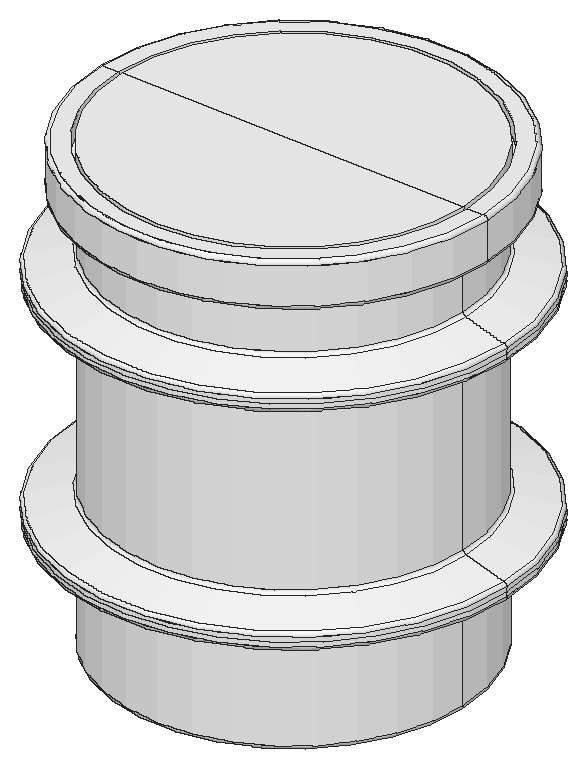
Revit family "C1300-MF", category Plumbing Fixtures, host Face, Revit 2023
Family settings
  Host = Face
  Round Connector Dimension = Use Radius
  Part Type = Normal
  OmniClass Number = 23.45.55.21
  OmniClass Title = Drains (Wastes)
  Enable Cutting in Views = No
  Cut with Voids When Loaded = No
  Maintain Annotation Orientation = No
  Shared = No
  Room Calculation Point = No
Parameters
  WFU = 0
  URL = "WWW.MIFAB.COM"
  Strainer Radius = Stainer Diameter / 2  # 5.000"
  Stainer Diameter = 10.000"
  Pipe Radius = Pipe Diameter / 2  # 4.375"
  Pipe Diameter = 8.750"
  Model = "C1300-MF"
  Manufacturer = "MIFAB"
  Floor Drain Material = Paint - Sherwin Williams Paint - #952C2A - Bellwood Red
  Description = "HEAVY DUTY ACCESS HOUSING WITH ANCHOR FLANGES"
  Default Elevation = 0.000"
  Body Height = 11.625"
Reference planes (in)
  plane 1 "Center (Front/Back)": y = 0
  plane 2: z = 0
  plane 3 "Center (Left/Right)": x = 0
  plane 4: x = -5
  plane 5: x = 5
  plane 6: z = -11.625
  plane 7: x = -4.375
  plane 8: x = 4.375
  plane 9: x = -2.31968
  plane 10: x = 2.31968
Forms (in)
  Revolve 1, solid, material "Paint - Sherwin Williams Paint - #952C2A - Bellwood Red" <- "Floor Drain Material"
    sketch origin (0, 0, 0) x (1, 0, 0) y (0, 0, 1)
      loop
        arc (4.275, -11.625) -> (4.34571, -11.59571) -> (4.375, -11.525) r 0.1
        line (4.375, -11.525) -> (4.375, -9.07601)
        arc (4.375, -9.07601) -> (4.39539, -9.0155) -> (4.44824, -8.97966) r 0.1
        line (4.44824, -8.97966) -> (5.42676, -8.70784)
        arc (5.42676, -8.70784) -> (5.47961, -8.672) -> (5.5, -8.61149) r 0.1
        line (5.5, -8.61149) -> (5.5, -8.5) -> (5.5, -8.38851)
        arc (5.5, -8.38851) -> (5.47961, -8.328) -> (5.42676, -8.29216) r 0.1
        line (5.42676, -8.29216) -> (4.44824, -8.02034)
        arc (4.44824, -8.02034) -> (4.39539, -7.9845) -> (4.375, -7.92399) r 0.1
        line (4.375, -7.92399) -> (4.375, -3.57601)
        arc (4.375, -3.57601) -> (4.39539, -3.5155) -> (4.44824, -3.47966) r 0.1
        line (4.44824, -3.47966) -> (5.42676, -3.20784)
        arc (5.42676, -3.20784) -> (5.47961, -3.172) -> (5.5, -3.11149) r 0.1
        line (5.5, -3.11149) -> (5.5, -3) -> (5.5, -2.88851)
        arc (5.5, -2.88851) -> (5.47961, -2.828) -> (5.42676, -2.79216) r 0.1
        line (5.42676, -2.79216) -> (4.44824, -2.52034)
        arc (4.44824, -2.52034) -> (4.39539, -2.4845) -> (4.375, -2.42399) r 0.1
        line (4.375, -2.42399) -> (4.375, -1.225)
        arc (4.375, -1.225) -> (4.40429, -1.15429) -> (4.475, -1.125) r 0.1
        line (4.475, -1.125) -> (4.9, -1.125)
        arc (4.9, -1.125) -> (4.97071, -1.09571) -> (5, -1.025) r 0.1
        line (5, -1.025) -> (5, -0.1)
        arc (5, -0.1) -> (4.97071, -0.02929) -> (4.9, 0) r 0.1
        line (4.9, 0) -> (4.5, 0) -> (4.5, -0.425) -> (4, -0.425) -> (4, -11.625) -> (4.275, -11.625)
      axis (0, 0) -> (0, -11.625)
    angle from 0 to 360
  Revolve 2, solid, material "Paint - Sherwin Williams Paint - #952C2A - Bellwood Red" <- "Floor Drain Material"
    sketch origin (0, 0, 0) x (1, 0, 0) y (0, 0, 1)
      loop
        line (0, 0) -> (0, -0.425) -> (4.4, -0.425) -> (4.4, 0) -> (0, 0)
      axis (0, 0) -> (0, -0.425)
    angle from 0 to 360
Lines and regions (in)
  symbolic lines
    curve 1: circle (0, 0, 0) r 5 normal (0, 0, 1)
  symbolic lines, style "PlumbingFixtures"
    curve 2: circle (0, 0, 0) r 1.00382 normal (0, 0, 1)
Dimensions and locks (in)
  equal spacing: plane 5, plane 3 "Center (Left/Right)", plane 4
  "Stainer Diameter": plane 5 to plane 4
  equal spacing: plane 8, plane 3 "Center (Left/Right)", plane 7
  "Pipe Diameter": plane 8 to plane 7
  "Body Height": host face to plane 6
  locked: Revolve 2 sketch curve to Revolve 1 at 0.1
  "Strainer Radius": radius of curve 1
  aligned and locked: plane 2 to host face
  aligned and locked: level to host face
  aligned and locked: plane 1 "Center (Front/Back)" to curve 1
  aligned and locked: plane 3 "Center (Left/Right)" to curve 1
  aligned and locked: Revolve 1 sketch curve to plane 3 "Center (Left/Right)"
  aligned and locked: plane 8 to Revolve 1 sketch curve  (x3)
  aligned and locked: Revolve 2 sketch curve to host face
  aligned and locked: plane 3 "Center (Left/Right)" to Revolve 2 sketch curve
  aligned and locked: Revolve 1 to Revolve 2 sketch curve
Automatic sketch dimensions
  host sketch curve to host sketch curve = 96.000"  (x2)
  Revolve 1 sketch curve to plane 6 = 0.000"  (x2)
  Revolve 1 sketch curve to level = 0.000"
  plane 8 to Revolve 1 sketch curve = 0.375"
  plane 6 to Revolve 1 sketch curve = 0.100"
  Revolve 1 sketch curve to plane 8 = 0.07324"  (x4)
  Revolve 1 sketch curve to plane 8 = 0.100"  (x5)
  Revolve 1 sketch curve to plane 8 = 0.125"
  plane 5 to Revolve 1 sketch curve = 0.100"
  Revolve 1 sketch curve to plane 5 = 0.42676"  (x2)
  Revolve 1 sketch curve to Revolve 1 sketch curve = 0.000"  (x2)
  Revolve 1 sketch curve to Revolve 1 sketch curve = 0.07324"  (x2)
  Revolve 1 sketch curve to Revolve 1 sketch curve = 0.100"  (x2)
  Revolve 1 sketch curve to Revolve 1 sketch curve = 0.02676"  (x3)
  Revolve 1 sketch curve to Revolve 1 sketch curve = 2.44899"
  Revolve 1 sketch curve to Revolve 1 sketch curve = 0.27181"  (x2)
  Revolve 1 sketch curve to Revolve 1 sketch curve = 0.11149"  (x4)
  Revolve 1 sketch curve to Revolve 1 sketch curve = 0.95931"  (x2)
  Revolve 1 sketch curve to Revolve 1 sketch curve = 3.47601"
  Revolve 1 sketch curve to Revolve 1 sketch curve = 1.19899"
  Revolve 1 sketch curve to level = 0.425"
  Revolve 1 sketch curve to Revolve 1 sketch curve = 2.28839"
  plane 5 to Revolve 1 sketch curve = 0.000"
  Revolve 2 sketch curve to plane 3 "Center (Left/Right)" = 0.000"
  Revolve 2 sketch curve to Revolve 2 sketch curve = 0.4077"
  Revolve 2 sketch curve to Revolve 2 sketch curve = 0.1943"
  curve 1 to curve 2 = 0.000"  (x2)
  plane 1 "Center (Front/Back)" to curve 2 = 0.000"
  curve 2 to plane 3 "Center (Left/Right)" = 0.000"
  radius of curve 2 = 1.00382"
Connectors (in)
  piping at (0, 0, -11.625), diameter 8.75, driven by "Pipe Radius"
    settings: on Revolve 1, index 1, connector inside diameter 8 3/4", connector length 0.000", flow factor 0, pipe flow 0 GPM, pressure drop 0.00 psi, fitting loss kfactor 0, connector angle 0.00°, fixture units 0, engagement length 0.000", angle of deflection 0.00°, flow configuration 0, flow direction 0, fitting loss method 0, system type 7, joint type 0, gender type 0, connector reference index -1, connector utility 0, adjustable connector no, is connector primary yes, connector description ""
